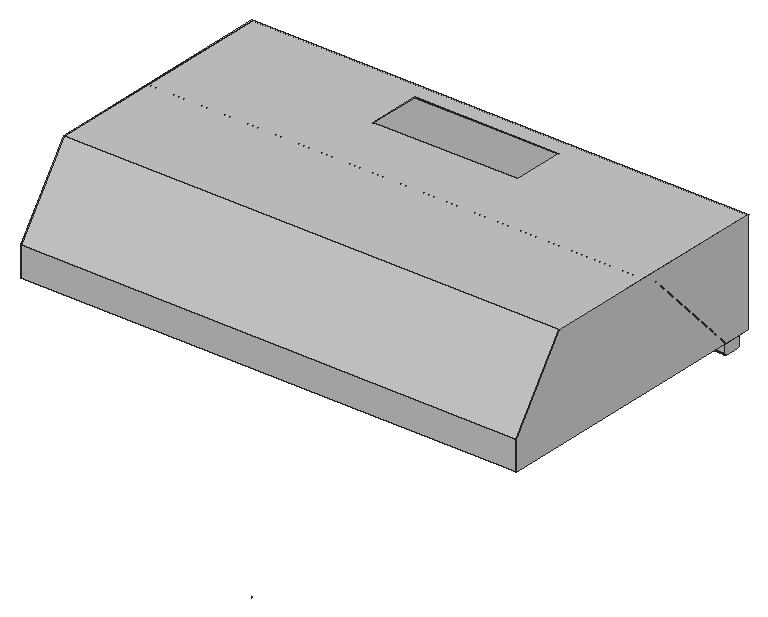
Revit family "QF_ELECTROLUXPROFESSIONAL_642160_BP1424BT", category Specialty Equipment, Revit 2014
Reference planes
  plane 1: z = 0
  plane 2 "Center (Left/Right)": x = 150
  plane 3 "LEFT": x = -1050
  plane 4 "RIGHT": x = 1350
  plane 5 "BACK": y = 550
  plane 6 "TOP": z = 2500
  plane 7 "Base": z = 2000
  plane 8: z = 1926
  plane 9 "DrainY": y = 485
  plane 10: x = -1047
  plane 11: through (0, 414.509, 2000.8) normal (0, 0.7314, 0.682)
  plane 12: y = 470
  plane 13: y = 220
  plane 14 "DrainX": x = 1232
  plane 15: x = 500
  plane 16: x = -200
  plane 17: x = 1347
  plane 18: x = 1142
  plane 19: x = 1322
  plane 20: x = -1010
  plane 21: x = -410
  plane 22: x = -10
  plane 23: x = 1310
  plane 24: x = 710
  plane 25: x = 310
  plane 26: z = 2140
  plane 27: y = -590
  plane 28 "Center (Front/Back)": y = -150
  plane 29 "Front": y = -850
Forms (mm)
  Extrusion 1, solid, material "QF_Finishes_Stainless Steel"
    sketch origin (-1050, 0, 360) x (0, 1, 0) y (0, 0, 1)
      loop
        line (550, 1640) -> (550, 2140) -> (-590, 2140) -> (-850, 1780) -> (-850, 1640) -> (550, 1640)
    from 0 to 3
  Extrusion 2, solid, material "QF_Finishes_Stainless Steel"
    sketch origin (150, 0, 360) x (0, 1, 0) y (0, 0, 1)
      loop
        line (415.255, 1640) -> (550, 1640) -> (550, 2139.19) -> (549.2, 2139.19) -> (549.2, 1640.8) -> (415.876, 1640.8) -> (339.347, 1722.867) -> (349.609, 1732.436) -> (348.927, 1733.167) -> (337.934, 1722.917) -> (415.255, 1640)
      loop
        line (-82.203, 2139.19) -> (-82.203, 2118.6) -> (-31.047, 2118.6) -> (34.354, 2048.466) -> (46.028, 2059.352) -> (45.346, 2060.083) -> (34.403, 2049.879) -> (-30.612, 2119.6) -> (-81.203, 2119.6) -> (-81.203, 2139.19) -> (-82.203, 2139.19)
    from -1197 to 1197
  Extrusion 3, solid, material "QF_Finishes_Stainless Steel"
    sketch origin (1350, 0, 360) x (0, 1, 0) y (0, 0, 1)
      loop
        line (550, 1640) -> (550, 2140) -> (-590, 2140) -> (-850, 1780) -> (-850, 1640) -> (550, 1640)
    from 0 to -3
  Extrusion 4, solid, material "QF_Finishes_Stainless Steel"
    sketch origin (150, 0, 360) x (0, 1, 0) y (0, 0, 1)
      loop
        line (550, 2139.19) -> (550, 2140) -> (-590, 2140) -> (-850, 1780) -> (-850, 1640) -> (-849.2, 1640) -> (-849.2, 1779.741) -> (-589.598, 2139.19) -> (550, 2139.19)
    from -1200 to 1200
  Extrusion 5, solid, material "QF_Finishes_Stainless Steel"
    sketch origin (150, 0, 360) x (0, 1, 0) y (0, 0, 1)
      loop
        line (534, 1640) -> (436, 1640) -> (436, 1627) -> (443.5, 1627) -> (443.5, 1576)
        arc (443.5, 1576) -> (446.429, 1568.929) -> (453.5, 1566) r 10
        line (453.5, 1566) -> (516.5, 1566)
        arc (516.5, 1566) -> (523.571, 1568.929) -> (526.5, 1576) r 10
        line (526.5, 1576) -> (526.5, 1627) -> (534, 1627) -> (534, 1640)
    from 992 to 1172
  Extrusion 6, solid, material "QF_Finishes_Stainless Steel"
    sketch origin (0, 0, 2000) x (0, 1, 0) y (-1, 0, 0)
      loop
        circle (485, -1232) r 20
    from -76 to -74
  Extrusion 7, solid, material "QF_Finished_Chrome"
    sketch origin (150, 0, 360) x (0, 1, 0) y (0, 0, 1)
      loop
        line (337.934, 1722.917) -> (341.591, 1726.327) -> (38.011, 2051.876) -> (34.354, 2048.466) -> (337.934, 1722.917)
    from 160 to -160
  Extrusion 8, solid, material "QF_Finishes_Stainless Steel"
    sketch origin (150, 0, 360) x (0, 1, 0) y (0, 0, 1)
      loop
        line (337.934, 1722.917) -> (341.591, 1726.327) -> (38.011, 2051.876) -> (34.354, 2048.466) -> (337.934, 1722.917)
    from 1197 to 1160
  Extrusion 9, solid, material "QF_Finishes_Stainless Steel"
    sketch origin (150, 0, 360) x (0, 1, 0) y (0, 0, 1)
      loop
        line (341.588, 1726.324) -> (38.009, 2051.874) -> (34.354, 2048.466) -> (337.934, 1722.917) -> (341.588, 1726.324)
    from -560 to -160
  Extrusion 10, void
    sketch origin (700, 0, 2500) x (0, 1, 0) y (-1, 0, 0)
      loop
        line (470, 900) -> (220, 900) -> (220, 200) -> (470, 200) -> (470, 900)
    from 0 to -10
  Extrusion 11, solid, material "QF_Finishes_Stainless Steel"
    sketch origin (0, 0, 0) x (1, 0, 0) y (0, 1, 0)
      loop
        line (-1050, 550) -> (-1050, 549) -> (-1049, 549) -> (-1049, 550) -> (-1050, 550)
    from 0 to 1
  Extrusion 12, solid, material "QF_Finishes_Stainless Steel"
    sketch origin (150, 0, 360) x (0, 1, 0) y (0, 0, 1)
      loop
        line (337.934, 1722.917) -> (341.591, 1726.327) -> (38.011, 2051.876) -> (34.354, 2048.466) -> (337.934, 1722.917)
    from -1160 to -1197
  Extrusion 13, solid, material "QF_Finishes_Stainless Steel"
    sketch origin (150, 0, 360) x (0, 1, 0) y (0, 0, -1)
      loop
        line (341.588, -1726.324) -> (337.934, -1722.917) -> (34.354, -2048.466) -> (38.009, -2051.874) -> (341.588, -1726.324)
    from -560 to -160
  Extrusion 14, solid, material "QF_Finished_Chrome"
    sketch origin (150, 0, 360) x (0, 1, 0) y (0, 0, 1)
      loop
        line (337.934, 1722.917) -> (341.591, 1726.327) -> (38.011, 2051.876) -> (34.354, 2048.466) -> (337.934, 1722.917)
    from -560 to -1160
  Extrusion 15, solid, material "QF_Finished_Chrome"
    sketch origin (150, 0, 360) x (0, 1, 0) y (0, 0, 1)
      loop
        line (337.934, 1722.917) -> (341.591, 1726.327) -> (38.011, 2051.876) -> (34.354, 2048.466) -> (337.934, 1722.917)
    from 1160 to 560
Cuts and joins
  Extrusion 10 cuts Extrusion 4
  joined: Extrusion 2, Extrusion 4
Lines and regions (mm)
  symbolic lines, style "SpecialityEquipment", detail levels coarse
    curve 1: line (1350, 550, 2500) -> (-1050, 550, 2500)
    curve 2: line (-1050, 550, 2500) -> (-1050, -850, 2500)
    curve 3: line (1350, -850, 2500) -> (1350, 550, 2500)
    curve 4: line (-200, 220, 2500) -> (500, 220, 2500)
    curve 5: line (-200, 470, 2500) -> (-200, 220, 2500)
    curve 6: line (500, 470, 2500) -> (-200, 470, 2500)
    curve 7: line (500, 220, 2500) -> (500, 470, 2500)
    curve 8: line (-1050, -590, 0) -> (1350, -590, 0)
    curve 9: line (-1050, 550, 0) -> (1350, -590, 0)
    curve 10: line (1350, 550, 0) -> (-1050, -590, 0)
    curve 11: line (-1050, -850, 2500) -> (1350, -850, 2500)
Dimensions and locks
  plane 3 "LEFT" to plane 4 "RIGHT" = 2400 mm
  equal spacing: plane 3 "LEFT", plane 2 "Center (Left/Right)", plane 4 "RIGHT"
  locked: plane 6 "TOP" to plane 7 "Base" at 500
  plane 7 "Base" to plane 8 = 74 mm
  plane 5 "BACK" to plane 9 "DrainY" = 65 mm  (x2)
  plane 3 "LEFT" to plane 10 = 3 mm
  plane 5 "BACK" to plane 12 = 80 mm
  plane 12 to plane 13 = 250 mm  (x2)
  plane 14 "DrainX" to plane 4 "RIGHT" = 118 mm
  plane 17 to plane 4 "RIGHT" = 3 mm
  locked: plane 18 to plane 14 "DrainX" at 90
  locked: plane 14 "DrainX" to plane 19 at 90
  plane 12 to plane 5 "BACK" = 80 mm
  plane 26 to plane 7 "Base" = 140 mm
  locked: plane 7 "Base" to level at 2000
  plane 5 "BACK" to plane 29 "Front" = 1400 mm  (x2)
  equal spacing: plane 5 "BACK", plane 28 "Center (Front/Back)", plane 29 "Front"
  locked: plane 16 to plane 15 at 700
  equal spacing: plane 22, plane 2 "Center (Left/Right)", plane 25
  equal spacing: plane 16, plane 2 "Center (Left/Right)", plane 15
  locked: plane 22 to plane 25 at 320
  locked: plane 3 "LEFT" to plane 20 at 40
  locked: plane 23 to plane 4 "RIGHT" at 40
  plane 21 to plane 22 = 400 mm
  plane 25 to plane 24 = 400 mm
  plane 20 to plane 21 = 600 mm
  plane 24 to plane 23 = 600 mm
  aligned and locked: level to plane 1
  aligned and locked: Extrusion 2 to Extrusion 1
  aligned and locked: Extrusion 2 to Extrusion 3
  aligned and locked: plane 4 "RIGHT" to Extrusion 4
  aligned and locked: Extrusion 4 to plane 3 "LEFT"
  aligned and locked: plane 17 to Extrusion 8
  aligned and locked: plane 16 to Extrusion 10
  aligned and locked: Extrusion 10 to plane 15
  aligned and locked: Extrusion 10 to plane 13
  aligned and locked: Extrusion 10 to plane 12
  aligned and locked: plane 19 to Extrusion 5
  aligned and locked: Extrusion 5 to plane 18
  aligned and locked: Extrusion 8 to plane 23
  aligned and locked: Extrusion 7 to plane 25
  aligned and locked: Extrusion 7 to plane 22
  aligned and locked: plane 22 to Extrusion 9
  aligned and locked: Extrusion 9 to plane 21
  aligned and locked: Extrusion 12 to plane 10
  aligned and locked: plane 20 to Extrusion 12
  aligned and locked: Extrusion 13 to plane 25
  aligned and locked: Extrusion 13 to plane 24
  aligned and locked: Extrusion 3 to plane 17
  aligned and locked: plane 21 to Extrusion 14
  aligned and locked: Extrusion 14 to plane 20
  aligned and locked: Extrusion 15 to plane 23
  aligned and locked: Extrusion 15 to plane 24
Automatic sketch dimensions
  curve 10 to plane 3 "LEFT" = 0 mm
  curve 9 to plane 3 "LEFT" = 0 mm
  curve 10 to plane 4 "RIGHT" = 0 mm
  curve 9 to plane 4 "RIGHT" = 0 mm
  plane 27 to curve 8 = 0 mm
  curve 10 to plane 5 "BACK" = 0 mm
  curve 9 to plane 5 "BACK" = 0 mm
  curve 11 to plane 3 "LEFT" = 0 mm
  curve 11 to plane 29 "Front" = 0 mm
  curve 4 to plane 13 = 0 mm
  plane 12 to curve 5 = 0 mm
  curve 2 to plane 5 "BACK" = 0 mm
  curve 1 to plane 4 "RIGHT" = 0 mm
  curve 7 to plane 15 = 0 mm
  curve 4 to plane 16 = 0 mm
  Extrusion 1 sketch curve to plane 7 "Base" = 0 mm
  Extrusion 1 sketch curve to plane 29 "Front" = 0 mm
  Extrusion 1 sketch curve to plane 6 "TOP" = 0 mm
  Extrusion 1 sketch curve to plane 27 = 0 mm
  Extrusion 1 sketch curve to plane 5 "BACK" = 0 mm
  Extrusion 1 sketch curve to plane 26 = 0 mm
  Extrusion 2 sketch curve to plane 11 = 0 mm  (x3)
  Extrusion 2 sketch curve to plane 7 "Base" = 0 mm
  plane 11 to Extrusion 2 sketch curve = 0 mm
  Extrusion 2 sketch curve to plane 5 "BACK" = 0 mm
  Extrusion 2 sketch curve to plane 26 = 47.564 mm
  Extrusion 2 sketch curve to Extrusion 2 sketch curve = 65.646 mm
  Extrusion 2 sketch curve to plane 26 = 46.833 mm
  Extrusion 2 sketch curve to plane 26 = 57.133 mm
  Extrusion 2 sketch curve to plane 6 "TOP" = 80.648 mm
  Extrusion 2 sketch curve to plane 13 = 173.972 mm
  Extrusion 2 sketch curve to plane 6 "TOP" = 79.917 mm
  Extrusion 2 sketch curve to plane 6 "TOP" = 90.121 mm
  Extrusion 2 sketch curve to plane 6 "TOP" = 20.4 mm
  Extrusion 2 sketch curve to plane 6 "TOP" = 21.4 mm
  Extrusion 2 sketch curve to plane 6 "TOP" = 0.81 mm  (x2)
  Extrusion 2 sketch curve to Extrusion 2 sketch curve = 50.156 mm
  Extrusion 2 sketch curve to Extrusion 2 sketch curve = 1 mm
  plane 7 "Base" to Extrusion 2 sketch curve = 0.8 mm
  Extrusion 2 sketch curve to plane 5 "BACK" = 0.8 mm
  Extrusion 3 sketch curve to plane 7 "Base" = 0 mm
  Extrusion 3 sketch curve to plane 29 "Front" = 0 mm
  Extrusion 3 sketch curve to plane 6 "TOP" = 0 mm
  Extrusion 3 sketch curve to plane 27 = 0 mm
  Extrusion 3 sketch curve to plane 5 "BACK" = 0 mm
  Extrusion 3 sketch curve to plane 26 = 0 mm
  Extrusion 4 sketch curve to plane 7 "Base" = 0 mm
  Extrusion 4 sketch curve to plane 29 "Front" = 0 mm
  Extrusion 4 sketch curve to plane 6 "TOP" = 0 mm
  Extrusion 4 sketch curve to plane 27 = 0 mm
  Extrusion 4 sketch curve to plane 5 "BACK" = 0 mm
  Extrusion 4 sketch curve to plane 26 = 0 mm
  Extrusion 4 sketch curve to plane 26 = 0.259 mm
  plane 29 "Front" to Extrusion 4 sketch curve = 0.8 mm
  Extrusion 4 sketch curve to plane 27 = 0.402 mm
  Extrusion 4 sketch curve to Extrusion 4 sketch curve = 0.81 mm
  Extrusion 5 sketch curve to plane 7 "Base" = 0 mm
  Extrusion 5 sketch curve to plane 8 = 0 mm
  Extrusion 5 sketch curve to plane 7 "Base" = 13 mm  (x2)
  plane 12 to Extrusion 5 sketch curve = 34 mm
  Extrusion 5 sketch curve to Extrusion 5 sketch curve = 7.5 mm  (x2)
  Extrusion 5 sketch curve to Extrusion 5 sketch curve = 10 mm
  plane 9 "DrainY" to Extrusion 5 sketch curve = 31.5 mm
  Extrusion 5 sketch curve to plane 5 "BACK" = 23.5 mm
  Extrusion 6 sketch curve to plane 9 "DrainY" = 0 mm
  Extrusion 6 sketch curve to plane 14 "DrainX" = 0 mm
  Extrusion 7 sketch curve to plane 11 = 0 mm  (x2)
  Extrusion 7 sketch curve to plane 6 "TOP" = 91.534 mm
  Extrusion 7 sketch curve to plane 6 "TOP" = 88.124 mm
  Extrusion 7 sketch curve to plane 26 = 57.083 mm
  Extrusion 8 sketch curve to plane 11 = 0 mm  (x2)
  Extrusion 8 sketch curve to plane 6 "TOP" = 91.534 mm
  Extrusion 8 sketch curve to plane 6 "TOP" = 88.124 mm
  Extrusion 8 sketch curve to plane 26 = 57.083 mm
  Extrusion 9 sketch curve to plane 11 = 0 mm  (x2)
  Extrusion 9 sketch curve to plane 6 "TOP" = 91.534 mm
  Extrusion 9 sketch curve to plane 6 "TOP" = 88.126 mm
  Extrusion 9 sketch curve to plane 26 = 57.083 mm
  Extrusion 10 sketch curve to plane 13 = 0 mm
  plane 12 to Extrusion 10 sketch curve = 0 mm
  Extrusion 10 sketch curve to plane 15 = 0 mm
  Extrusion 10 sketch curve to plane 16 = 0 mm
  Extrusion 11 sketch curve to plane 3 "LEFT" = 0 mm
  Extrusion 11 sketch curve to plane 5 "BACK" = 0 mm
  plane 3 "LEFT" to Extrusion 11 sketch curve = 1 mm
  Extrusion 11 sketch curve to Extrusion 11 sketch curve = 1 mm
  Extrusion 12 sketch curve to plane 11 = 0 mm  (x2)
  Extrusion 12 sketch curve to plane 6 "TOP" = 91.534 mm
  Extrusion 12 sketch curve to plane 6 "TOP" = 88.124 mm
  Extrusion 12 sketch curve to plane 26 = 57.083 mm
  Extrusion 13 sketch curve to plane 11 = 0 mm  (x2)
  Extrusion 13 sketch curve to plane 6 "TOP" = 91.534 mm
  Extrusion 13 sketch curve to plane 6 "TOP" = 88.126 mm
  Extrusion 13 sketch curve to plane 26 = 57.083 mm
  Extrusion 14 sketch curve to plane 11 = 0 mm  (x2)
  Extrusion 14 sketch curve to plane 6 "TOP" = 91.534 mm
  Extrusion 14 sketch curve to plane 6 "TOP" = 88.124 mm
  Extrusion 14 sketch curve to plane 26 = 57.083 mm
  Extrusion 15 sketch curve to plane 11 = 0 mm  (x2)
  Extrusion 15 sketch curve to plane 6 "TOP" = 91.534 mm
  Extrusion 15 sketch curve to plane 6 "TOP" = 88.124 mm
  Extrusion 15 sketch curve to plane 26 = 57.083 mm
  radius of Extrusion 6 sketch curve = 20 mm
Connectors
  piping at (1232, 485, 1924), diameter 20
    settings: on Extrusion 6, index 1, connector inside diameter 609.6 mm, connector length 0 mm, flow factor 0, pipe flow 0.0 L/s, pressure drop 0.0 Pa, fitting loss kfactor 0, connector angle 0.00°, fixture units 0, engagement length 0 mm, angle of deflection 0.00°, flow configuration 1, flow direction 2, fitting loss method 0, system type 16, joint type 0, gender type 0, connector reference index -1, connector utility 0, adjustable connector no, is connector primary yes, connector description "Drain"
  hvac at (150, 345, 2500)
    settings: on Extrusion 10, index 2, duct flow 0.0 L/s, flow factor 0, pres drop 0.0 Pa, loss coef 0, conn angle 0.00°, conn width 250 mm, conn height 700 mm, conn diameter 609.6 mm, duct sys type 3, conn prof type 1, flow config 1, flow direction 0, loss method 0, conn ref index -1, conn util no, is conn primary yes, conn desc "EXHAUST OUTLET"
